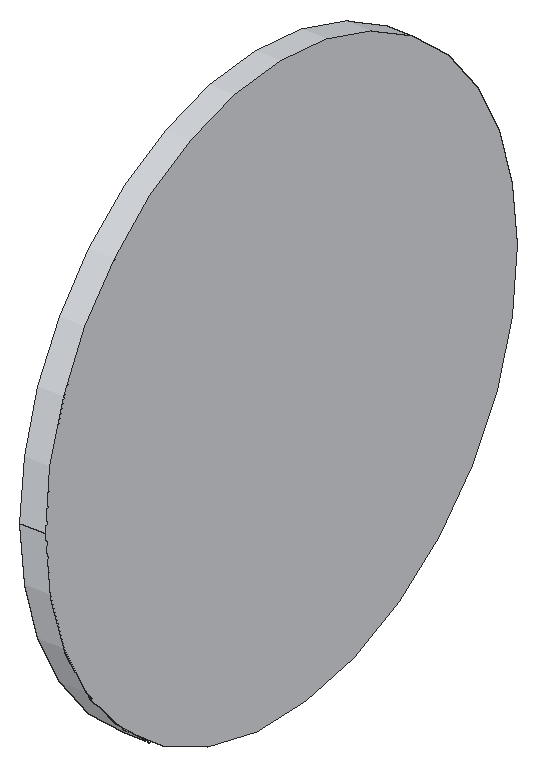
Revit family "4f294f273b91452b8169a15f47822b0d", category Pipe Fittings, Revit 2021
Family settings
  Round Connector Dimension = Use Radius
  Part Type = Cap
  OmniClass Number = 23.60.30.11.14
  OmniClass Title = Pipework Fittings
  Seek Item ID = Cap - PVC - Sch 40-0000-USA-ENU
  Work Plane-Based = No
  Always vertical = Yes
  Cut with Voids When Loaded = No
  Shared = No
Parameters (values of type "Standard")
  Nominal Radius [instance] = 1.5000"
  Nominal Diameter [instance] = Nominal Radius * 2  # 3.0000"
  Loss Method = Not Defined
  Socket Outside Radius [instance] = Socket Outside Diameter / 2  # 2.1750"
  Socket Outside Diameter [instance] = size_lookup(Lookup Table Name, "SOD", 1.08 * Nominal Diameter + 1.12109", Nominal Diameter)  # 4.3500"
  Lookup Table Name = "Plug Flat Compact - MJ - DI - Class 350"
  Default Elevation = 0.0000"
  Bevel Length [instance] = size_lookup(Lookup Table Name, "BvLgt", 0.04 * Nominal Diameter + 0.4300", Nominal Diameter)  # 0.3900"
  Gland Width [instance] = size_lookup(Lookup Table Name, "GWid", 0.014 * Nominal Diameter + 0.2700", Nominal Diameter)  # 0.3300"
  Gland Outside Radius [instance] = Gland Outside Diameter / 2  # 3.8100"
  Gland Outside Diameter [instance] = size_lookup(Lookup Table Name, "GOD", 1.16 * Nominal Diameter + 4.0300", Nominal Diameter)  # 7.6200"
Reference planes (in)
  plane 1 "Center (Front/Back)": y = 0
  plane 2: z = 0
  plane 3 "Center (Left/Right)": x = 0
  plane 4: x = 0.72
  plane 5: y = 2.175
  plane 6: y = -2.175
  plane 7: x = 0.39
Forms (in)
  Extrusion 1, solid, detail levels fine
    sketch origin (0, 0, 0) x (0, 1, 0) y (0, 0, 1)
      loop
        circle (0, 0) r 2.175
    from 0 to 0.39
  Extrusion 2, solid, detail levels fine
    sketch origin (0, 0, 0) x (0, 1, 0) y (0, 0, 1)
      loop
        circle (0, 0) r 3.81
    from 0.39 to 0.72
Cuts and joins
  joined: Extrusion 1, Extrusion 2
Lines and regions (in)
  model lines, detail levels coarse+medium
    curve 1: line (0, 2.175, 0) -> (0.72, 2.175, 0)
    curve 2: line (0.72, 2.175, 0) -> (0.72, -2.175, 0)
    curve 3: line (0.72, -2.175, 0) -> (0, -2.175, 0)
Dimensions and locks (in)
  "Socket Outside Radius": plane 1 "Center (Front/Back)" to plane 5
  "Socket Outside Radius": plane 6 to plane 1 "Center (Front/Back)"
  "Gland Width": plane 7 to plane 4
  "Bevel Length": plane 3 "Center (Left/Right)" to plane 7
  "Socket Outside Radius": radius of Extrusion 1 sketch curve
  "Gland Outside Radius": radius of Extrusion 2 sketch curve
  aligned and locked: curve 2 to plane 4
  aligned and locked: plane 3 "Center (Left/Right)" to curve 1
  aligned and locked: plane 3 "Center (Left/Right)" to curve 3
  aligned and locked: curve 1 to plane 5
  aligned and locked: curve 3 to plane 6
  aligned and locked: plane 1 "Center (Front/Back)" to Extrusion 1 sketch curve
  aligned and locked: plane 2 to Extrusion 1 sketch curve
  aligned and locked: Extrusion 1 to plane 3 "Center (Left/Right)"
  aligned and locked: plane 7 to Extrusion 1
  aligned and locked: Extrusion 2 to plane 7
  aligned and locked: plane 4 to Extrusion 2
  aligned and locked: plane 2 to Extrusion 2 sketch curve
  aligned and locked: plane 1 "Center (Front/Back)" to Extrusion 2 sketch curve
Connectors (in)
  piping at (0, 0, 0), diameter 3, driven by "Nominal Radius"
    settings: on Extrusion 1, index 1, connector inside diameter 3.0000", connector length 0.0000", flow factor 0, pipe flow 0 GPM, pressure drop 0.00 psi, fitting loss kfactor 0, connector angle 0.00°, fixture units 0, engagement length 0.0000", angle of deflection 0.00°, flow configuration 0, flow direction 0, fitting loss method 0, system type 28, joint type 0, gender type 0, connector reference index -1, connector utility 0, adjustable connector no, is connector primary yes, connector description ""
